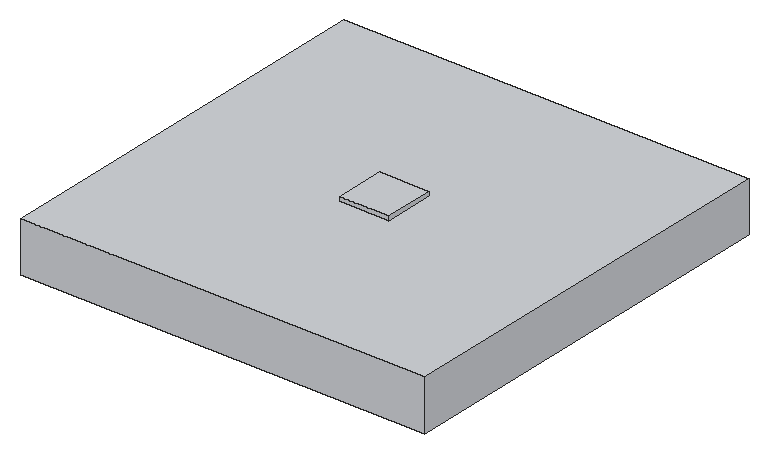
Revit family "M_Conector de duto retangular - Outro ar - Terminal de ar", category Terminais de ar, Revit 2019
Family settings
  Hospedeiro = Face
  Cota do conector redondo = Utilizar diâmetro
  Tipo de parte = Normal
  Número OmniClass = 23.75.70.21.27
  Título OmniClass = Air Outlets and Inlets
  ID de item do Seek = Rectangular Duct Connector - Other Air - Air Terminal-0000-CAN-ENU
  Corte com vazios quando carregada = Não
  Compartilhado = Não
  Ponto de cálculo do ambiente = Não
Parameters (values of type "Padrão")
  Largura = 300 mm
  SetaAcimaVisível [instance] = yes
  Espessura = 25 mm
  SetaDireitaVisível [instance] = yes
  SetaEsquerdaVisível [instance] = yes
  Altura = 300 mm
  Fluxo [instance] = 47.19 L/s
  Default Elevation = 0 mm
  SetaInferiorVisível [instance] = yes
  Assembly Code = ""
  Deslocamento da seta = 355.6 mm
Reference planes
  plane 1 "Centro (Frente/Trás)": y = 0
  plane 2: z = 0
  plane 3 "Centro (Esquerda/Direita)": x = 0
Forms (mm)
  Extrusion 1, solid
    sketch origin (0, 0, 0) x (1, 0, 0) y (0, 1, 0)
      loop
        line (-1219.2, 1219.2) -> (-1219.2, -1219.2) -> (1219.2, -1219.2) -> (1219.2, 1219.2) -> (-1219.2, 1219.2)
    from 0 to -304.8
  Sweep 2, solid
    path in 3D
      loop
        line (0, 0, 0) -> (0, 0, 25)
    profile "M_Duto - Retangular : Duto - Retangular" origin (0, 0, 12.5) x (0, -1, 0) y (1, 0, 0)
      loop
        line (-150, 150) -> (-150, -150) -> (150, -150) -> (150, 150) -> (-150, 150)
Lines and regions (mm)
  reference lines
    curve 1: line (0, 0, 0) -> (0, 0, 25)
  sketch lines
    curve 2: line (0, 0, 0) -> (0, 0, 25)
Dimensions and locks
  "Espessura": curve 1 to curve 1
  "Deslocamento da seta": nested 1 to plane 3 "Centro (Esquerda/Direita)"
  "Deslocamento da seta": plane 1 "Centro (Frente/Trás)" to nested 2
  "Deslocamento da seta": plane 3 "Centro (Esquerda/Direita)" to nested 3
  "Deslocamento da seta": plane 1 "Centro (Frente/Trás)" to nested 4
  aligned and locked: plane 2 to Extrusion 1
  aligned and locked: level to Extrusion 1
  aligned and locked: Extrusion 1 to curve 1
  aligned and locked: curve 1 to plane 1 "Centro (Frente/Trás)"
  aligned and locked: plane 1 "Centro (Frente/Trás)" to nested 1
  aligned and locked: nested 3 to plane 1 "Centro (Frente/Trás)"
  aligned and locked: plane 3 "Centro (Esquerda/Direita)" to nested 2
  aligned and locked: nested 4 to plane 3 "Centro (Esquerda/Direita)"
Automatic sketch dimensions
  Extrusion 1 sketch curve to Extrusion 1 sketch curve = 2438.4 mm  (x2)
Nested families
  nested 1: "M_Seta terminal do duto_Reverso" at (-355.6, 0, 0), visible <- "SetaEsquerdaVisível", type "Seta do terminal do duto_Reverso"
  nested 2: "M_Seta terminal do duto_Reverso" at (0, -355.6, 0) x (0, 1, 0) z (0, 0, 1), visible <- "SetaInferiorVisível", type "Seta do terminal do duto_Reverso"
  nested 3: "M_Seta terminal do duto_Reverso" at (355.6, 0, 0) x (-1, 0, 0) z (0, 0, 1), visible <- "SetaDireitaVisível", type "Seta do terminal do duto_Reverso"
  nested 4: "M_Seta terminal do duto_Reverso" at (0, 355.6, 0) x (0, -1, 0) z (0, 0, 1), visible <- "SetaAcimaVisível", type "Seta do terminal do duto_Reverso"
Connectors
  hvac at (0, 0, 25), driven by "Altura", driven by "Largura", driven by "Fluxo"
    settings: on Sweep 2, index 1, duct flow 47.19 L/s, flow factor 0, pres drop 0.0 Pa, loss coef 0, conn angle 0.00°, conn width 300 mm, conn height 300 mm, conn diameter 609.6 mm, duct sys type 4, conn prof type 1, flow config 1, flow direction 2, loss method 0, conn ref index -1, conn util no, is conn primary yes, conn desc ""
Definition of nested family "M_Seta terminal do duto_Reverso"
  Reference planes
    plane 1: y = 0
    plane 2: x = 0
  Lines and regions (mm)
    Filled region 1, type "Preto sólido"
      outline origin (-25.4, 0, 0) x (1, 0, 0) y (0, 1, 0)
        loop
          line (25.4, 0) -> (22.225, 1.156) -> (22.225, -1.156) -> (25.4, 0)
    detail lines
      curve 1: line (-6.35, 0, 0) -> (0, 0, 0)
